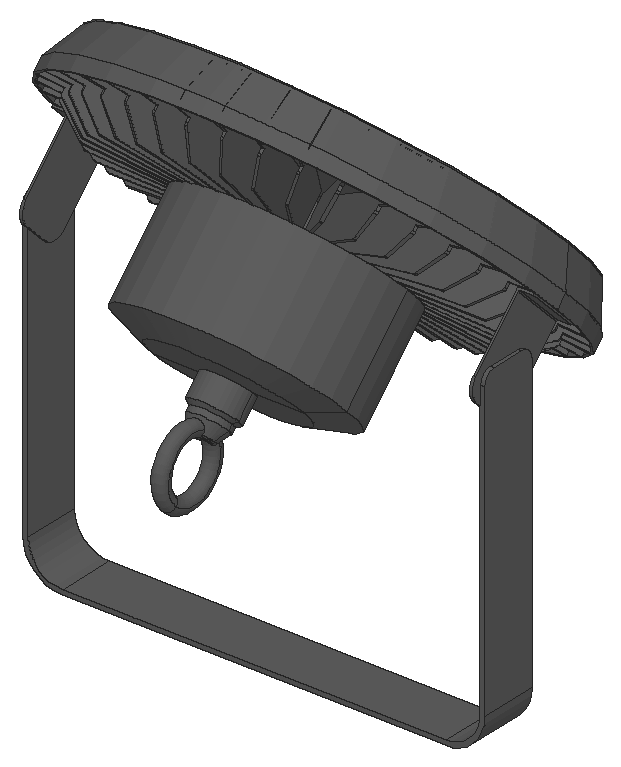
Revit family "0039363+0039354 Sylvania Lighting Fixture START HighBay IP65 DALI 19000lm 840 MB with BRACKET", category Lighting Fixtures, host Face, Revit 2017 (continued)
Definition of nested family "Start LED Highbay DALI Head"
  Nested families
    nested 8: "Start Highbay Rib" at (0, 0, 80.875) x (0.454, 0.891, 0) z (0, 0, 1), type "Type Name", detail levels medium+fine
      with SuspensionHeight_FEILO 2.6 mm, WidthStraight_FEILO 4.7 mm, WidthRingChamfer_FEILO 12.9 mm, WidthCurved_FEILO 26.2 mm, WidthCurvedRing_FEILO 4.7 mm, SizeS_FEILO no, Rib4_FEILO 14.6 mm, Rib3_FEILO 20.2 mm, Rib2_FEILO 4.5 mm, Rib1_FEILO 19 mm, RadiusDiffuser_FEILO 120 mm, RHRadius3_FEILO 8.6 mm, RHRadius2_FEILO 14 mm, RHRadius1_FEILO 17.7 mm, RHHeight4_FEILO 9.2 mm, RHHeight3_FEILO 4.6 mm, RHHeight2_FEILO 2.6 mm, RHHeight1_FEILO 17.4 mm, HeightRing_FEILO 36.8 mm, HeightRingChamfer_FEILO 26.6 mm, EyeThickness_FEILO 10.5 mm, EyeThicknessHalf_FEILO 5.25 mm, EyeInner_FEILO 17.3 mm, DriverVerticalStraight_FEILO 57 mm, DriverVerticalChamfer_FEILO 9.5 mm, DriverRadius_FEILO 76.4 mm, DriverRadiusTop_FEILO 52.4 mm, DriverBottom_FEILO 74 mm, Radius_FEILO 169.5 mm
    nested 9: "Start Highbay Rib" at (0, 0, 80.875) x (0.309, 0.9511, 0) z (0, 0, 1), type "Type Name", detail levels medium+fine
      with SuspensionHeight_FEILO 2.6 mm, WidthStraight_FEILO 4.7 mm, WidthRingChamfer_FEILO 12.9 mm, WidthCurved_FEILO 26.2 mm, WidthCurvedRing_FEILO 4.7 mm, SizeS_FEILO no, Rib4_FEILO 14.6 mm, Rib3_FEILO 20.2 mm, Rib2_FEILO 4.5 mm, Rib1_FEILO 19 mm, RadiusDiffuser_FEILO 120 mm, RHRadius3_FEILO 8.6 mm, RHRadius2_FEILO 14 mm, RHRadius1_FEILO 17.7 mm, RHHeight4_FEILO 9.2 mm, RHHeight3_FEILO 4.6 mm, RHHeight2_FEILO 2.6 mm, RHHeight1_FEILO 17.4 mm, HeightRing_FEILO 36.8 mm, HeightRingChamfer_FEILO 26.6 mm, EyeThickness_FEILO 10.5 mm, EyeThicknessHalf_FEILO 5.25 mm, EyeInner_FEILO 17.3 mm, DriverVerticalStraight_FEILO 57 mm, DriverVerticalChamfer_FEILO 9.5 mm, DriverRadius_FEILO 76.4 mm, DriverRadiusTop_FEILO 52.4 mm, DriverBottom_FEILO 74 mm, Radius_FEILO 169.5 mm
    nested 10: "Start Highbay Rib" at (0, 0, 80.875) x (0.1564, 0.9877, 0) z (0, 0, 1), type "Type Name", detail levels medium+fine
      with SuspensionHeight_FEILO 2.6 mm, WidthStraight_FEILO 4.7 mm, WidthRingChamfer_FEILO 12.9 mm, WidthCurved_FEILO 26.2 mm, WidthCurvedRing_FEILO 4.7 mm, SizeS_FEILO no, Rib4_FEILO 14.6 mm, Rib3_FEILO 20.2 mm, Rib2_FEILO 4.5 mm, Rib1_FEILO 19 mm, RadiusDiffuser_FEILO 120 mm, RHRadius3_FEILO 8.6 mm, RHRadius2_FEILO 14 mm, RHRadius1_FEILO 17.7 mm, RHHeight4_FEILO 9.2 mm, RHHeight3_FEILO 4.6 mm, RHHeight2_FEILO 2.6 mm, RHHeight1_FEILO 17.4 mm, HeightRing_FEILO 36.8 mm, HeightRingChamfer_FEILO 26.6 mm, EyeThickness_FEILO 10.5 mm, EyeThicknessHalf_FEILO 5.25 mm, EyeInner_FEILO 17.3 mm, DriverVerticalStraight_FEILO 57 mm, DriverVerticalChamfer_FEILO 9.5 mm, DriverRadius_FEILO 76.4 mm, DriverRadiusTop_FEILO 52.4 mm, DriverBottom_FEILO 74 mm, Radius_FEILO 169.5 mm
    nested 11: "Start Highbay Rib" at (0, 0, 80.875) x (0, 1, 0) z (0, 0, 1), type "Type Name", detail levels medium+fine
      with SuspensionHeight_FEILO 2.6 mm, WidthStraight_FEILO 4.7 mm, WidthRingChamfer_FEILO 12.9 mm, WidthCurved_FEILO 26.2 mm, WidthCurvedRing_FEILO 4.7 mm, SizeS_FEILO no, Rib4_FEILO 14.6 mm, Rib3_FEILO 20.2 mm, Rib2_FEILO 4.5 mm, Rib1_FEILO 19 mm, RadiusDiffuser_FEILO 120 mm, RHRadius3_FEILO 8.6 mm, RHRadius2_FEILO 14 mm, RHRadius1_FEILO 17.7 mm, RHHeight4_FEILO 9.2 mm, RHHeight3_FEILO 4.6 mm, RHHeight2_FEILO 2.6 mm, RHHeight1_FEILO 17.4 mm, HeightRing_FEILO 36.8 mm, HeightRingChamfer_FEILO 26.6 mm, EyeThickness_FEILO 10.5 mm, EyeThicknessHalf_FEILO 5.25 mm, EyeInner_FEILO 17.3 mm, DriverVerticalStraight_FEILO 57 mm, DriverVerticalChamfer_FEILO 9.5 mm, DriverRadius_FEILO 76.4 mm, DriverRadiusTop_FEILO 52.4 mm, DriverBottom_FEILO 74 mm, Radius_FEILO 169.5 mm
    nested 12: "Start Highbay Rib" at (0, 0, 80.875) x (-0.1564, 0.9877, 0) z (0, 0, 1), type "Type Name", detail levels medium+fine
      with SuspensionHeight_FEILO 2.6 mm, WidthStraight_FEILO 4.7 mm, WidthRingChamfer_FEILO 12.9 mm, WidthCurved_FEILO 26.2 mm, WidthCurvedRing_FEILO 4.7 mm, SizeS_FEILO no, Rib4_FEILO 14.6 mm, Rib3_FEILO 20.2 mm, Rib2_FEILO 4.5 mm, Rib1_FEILO 19 mm, RadiusDiffuser_FEILO 120 mm, RHRadius3_FEILO 8.6 mm, RHRadius2_FEILO 14 mm, RHRadius1_FEILO 17.7 mm, RHHeight4_FEILO 9.2 mm, RHHeight3_FEILO 4.6 mm, RHHeight2_FEILO 2.6 mm, RHHeight1_FEILO 17.4 mm, HeightRing_FEILO 36.8 mm, HeightRingChamfer_FEILO 26.6 mm, EyeThickness_FEILO 10.5 mm, EyeThicknessHalf_FEILO 5.25 mm, EyeInner_FEILO 17.3 mm, DriverVerticalStraight_FEILO 57 mm, DriverVerticalChamfer_FEILO 9.5 mm, DriverRadius_FEILO 76.4 mm, DriverRadiusTop_FEILO 52.4 mm, DriverBottom_FEILO 74 mm, Radius_FEILO 169.5 mm
    nested 13: "Start Highbay Rib" at (0, 0, 80.875) x (-0.309, 0.9511, 0) z (0, 0, 1), type "Type Name", detail levels medium+fine
      with SuspensionHeight_FEILO 2.6 mm, WidthStraight_FEILO 4.7 mm, WidthRingChamfer_FEILO 12.9 mm, WidthCurved_FEILO 26.2 mm, WidthCurvedRing_FEILO 4.7 mm, SizeS_FEILO no, Rib4_FEILO 14.6 mm, Rib3_FEILO 20.2 mm, Rib2_FEILO 4.5 mm, Rib1_FEILO 19 mm, RadiusDiffuser_FEILO 120 mm, RHRadius3_FEILO 8.6 mm, RHRadius2_FEILO 14 mm, RHRadius1_FEILO 17.7 mm, RHHeight4_FEILO 9.2 mm, RHHeight3_FEILO 4.6 mm, RHHeight2_FEILO 2.6 mm, RHHeight1_FEILO 17.4 mm, HeightRing_FEILO 36.8 mm, HeightRingChamfer_FEILO 26.6 mm, EyeThickness_FEILO 10.5 mm, EyeThicknessHalf_FEILO 5.25 mm, EyeInner_FEILO 17.3 mm, DriverVerticalStraight_FEILO 57 mm, DriverVerticalChamfer_FEILO 9.5 mm, DriverRadius_FEILO 76.4 mm, DriverRadiusTop_FEILO 52.4 mm, DriverBottom_FEILO 74 mm, Radius_FEILO 169.5 mm
    nested 14: "Start Highbay Rib" at (0, 0, 80.875) x (-0.454, 0.891, 0) z (0, 0, 1), type "Type Name", detail levels medium+fine
      with SuspensionHeight_FEILO 2.6 mm, WidthStraight_FEILO 4.7 mm, WidthRingChamfer_FEILO 12.9 mm, WidthCurved_FEILO 26.2 mm, WidthCurvedRing_FEILO 4.7 mm, SizeS_FEILO no, Rib4_FEILO 14.6 mm, Rib3_FEILO 20.2 mm, Rib2_FEILO 4.5 mm, Rib1_FEILO 19 mm, RadiusDiffuser_FEILO 120 mm, RHRadius3_FEILO 8.6 mm, RHRadius2_FEILO 14 mm, RHRadius1_FEILO 17.7 mm, RHHeight4_FEILO 9.2 mm, RHHeight3_FEILO 4.6 mm, RHHeight2_FEILO 2.6 mm, RHHeight1_FEILO 17.4 mm, HeightRing_FEILO 36.8 mm, HeightRingChamfer_FEILO 26.6 mm, EyeThickness_FEILO 10.5 mm, EyeThicknessHalf_FEILO 5.25 mm, EyeInner_FEILO 17.3 mm, DriverVerticalStraight_FEILO 57 mm, DriverVerticalChamfer_FEILO 9.5 mm, DriverRadius_FEILO 76.4 mm, DriverRadiusTop_FEILO 52.4 mm, DriverBottom_FEILO 74 mm, Radius_FEILO 169.5 mm
    nested 15: "Start Highbay Rib" at (0, 0, 80.875) x (-0.5878, 0.809, 0) z (0, 0, 1), type "Type Name", detail levels medium+fine
      with SuspensionHeight_FEILO 2.6 mm, WidthStraight_FEILO 4.7 mm, WidthRingChamfer_FEILO 12.9 mm, WidthCurved_FEILO 26.2 mm, WidthCurvedRing_FEILO 4.7 mm, SizeS_FEILO no, Rib4_FEILO 14.6 mm, Rib3_FEILO 20.2 mm, Rib2_FEILO 4.5 mm, Rib1_FEILO 19 mm, RadiusDiffuser_FEILO 120 mm, RHRadius3_FEILO 8.6 mm, RHRadius2_FEILO 14 mm, RHRadius1_FEILO 17.7 mm, RHHeight4_FEILO 9.2 mm, RHHeight3_FEILO 4.6 mm, RHHeight2_FEILO 2.6 mm, RHHeight1_FEILO 17.4 mm, HeightRing_FEILO 36.8 mm, HeightRingChamfer_FEILO 26.6 mm, EyeThickness_FEILO 10.5 mm, EyeThicknessHalf_FEILO 5.25 mm, EyeInner_FEILO 17.3 mm, DriverVerticalStraight_FEILO 57 mm, DriverVerticalChamfer_FEILO 9.5 mm, DriverRadius_FEILO 76.4 mm, DriverRadiusTop_FEILO 52.4 mm, DriverBottom_FEILO 74 mm, Radius_FEILO 169.5 mm
    nested 16: "Start Highbay Rib" at (0, 0, 80.875) x (-0.7071, 0.7071, 0) z (0, 0, 1), type "Type Name", detail levels medium+fine
      with SuspensionHeight_FEILO 2.6 mm, WidthStraight_FEILO 4.7 mm, WidthRingChamfer_FEILO 12.9 mm, WidthCurved_FEILO 26.2 mm, WidthCurvedRing_FEILO 4.7 mm, SizeS_FEILO no, Rib4_FEILO 14.6 mm, Rib3_FEILO 20.2 mm, Rib2_FEILO 4.5 mm, Rib1_FEILO 19 mm, RadiusDiffuser_FEILO 120 mm, RHRadius3_FEILO 8.6 mm, RHRadius2_FEILO 14 mm, RHRadius1_FEILO 17.7 mm, RHHeight4_FEILO 9.2 mm, RHHeight3_FEILO 4.6 mm, RHHeight2_FEILO 2.6 mm, RHHeight1_FEILO 17.4 mm, HeightRing_FEILO 36.8 mm, HeightRingChamfer_FEILO 26.6 mm, EyeThickness_FEILO 10.5 mm, EyeThicknessHalf_FEILO 5.25 mm, EyeInner_FEILO 17.3 mm, DriverVerticalStraight_FEILO 57 mm, DriverVerticalChamfer_FEILO 9.5 mm, DriverRadius_FEILO 76.4 mm, DriverRadiusTop_FEILO 52.4 mm, DriverBottom_FEILO 74 mm, Radius_FEILO 169.5 mm
    nested 17: "Start Highbay Rib" at (0, 0, 80.875) x (-0.809, 0.5878, 0) z (0, 0, 1), type "Type Name", detail levels medium+fine
      with SuspensionHeight_FEILO 2.6 mm, WidthStraight_FEILO 4.7 mm, WidthRingChamfer_FEILO 12.9 mm, WidthCurved_FEILO 26.2 mm, WidthCurvedRing_FEILO 4.7 mm, SizeS_FEILO no, Rib4_FEILO 14.6 mm, Rib3_FEILO 20.2 mm, Rib2_FEILO 4.5 mm, Rib1_FEILO 19 mm, RadiusDiffuser_FEILO 120 mm, RHRadius3_FEILO 8.6 mm, RHRadius2_FEILO 14 mm, RHRadius1_FEILO 17.7 mm, RHHeight4_FEILO 9.2 mm, RHHeight3_FEILO 4.6 mm, RHHeight2_FEILO 2.6 mm, RHHeight1_FEILO 17.4 mm, HeightRing_FEILO 36.8 mm, HeightRingChamfer_FEILO 26.6 mm, EyeThickness_FEILO 10.5 mm, EyeThicknessHalf_FEILO 5.25 mm, EyeInner_FEILO 17.3 mm, DriverVerticalStraight_FEILO 57 mm, DriverVerticalChamfer_FEILO 9.5 mm, DriverRadius_FEILO 76.4 mm, DriverRadiusTop_FEILO 52.4 mm, DriverBottom_FEILO 74 mm, Radius_FEILO 169.5 mm
    nested 18: "Start Highbay Rib" at (0, 0, 80.875) x (-0.891, 0.454, 0) z (0, 0, 1), type "Type Name", detail levels medium+fine
      with SuspensionHeight_FEILO 2.6 mm, WidthStraight_FEILO 4.7 mm, WidthRingChamfer_FEILO 12.9 mm, WidthCurved_FEILO 26.2 mm, WidthCurvedRing_FEILO 4.7 mm, SizeS_FEILO no, Rib4_FEILO 14.6 mm, Rib3_FEILO 20.2 mm, Rib2_FEILO 4.5 mm, Rib1_FEILO 19 mm, RadiusDiffuser_FEILO 120 mm, RHRadius3_FEILO 8.6 mm, RHRadius2_FEILO 14 mm, RHRadius1_FEILO 17.7 mm, RHHeight4_FEILO 9.2 mm, RHHeight3_FEILO 4.6 mm, RHHeight2_FEILO 2.6 mm, RHHeight1_FEILO 17.4 mm, HeightRing_FEILO 36.8 mm, HeightRingChamfer_FEILO 26.6 mm, EyeThickness_FEILO 10.5 mm, EyeThicknessHalf_FEILO 5.25 mm, EyeInner_FEILO 17.3 mm, DriverVerticalStraight_FEILO 57 mm, DriverVerticalChamfer_FEILO 9.5 mm, DriverRadius_FEILO 76.4 mm, DriverRadiusTop_FEILO 52.4 mm, DriverBottom_FEILO 74 mm, Radius_FEILO 169.5 mm
    nested 19: "Start Highbay Rib" at (0, 0, 80.875) x (-0.9511, 0.309, 0) z (0, 0, 1), type "Type Name", detail levels medium+fine
      with SuspensionHeight_FEILO 2.6 mm, WidthStraight_FEILO 4.7 mm, WidthRingChamfer_FEILO 12.9 mm, WidthCurved_FEILO 26.2 mm, WidthCurvedRing_FEILO 4.7 mm, SizeS_FEILO no, Rib4_FEILO 14.6 mm, Rib3_FEILO 20.2 mm, Rib2_FEILO 4.5 mm, Rib1_FEILO 19 mm, RadiusDiffuser_FEILO 120 mm, RHRadius3_FEILO 8.6 mm, RHRadius2_FEILO 14 mm, RHRadius1_FEILO 17.7 mm, RHHeight4_FEILO 9.2 mm, RHHeight3_FEILO 4.6 mm, RHHeight2_FEILO 2.6 mm, RHHeight1_FEILO 17.4 mm, HeightRing_FEILO 36.8 mm, HeightRingChamfer_FEILO 26.6 mm, EyeThickness_FEILO 10.5 mm, EyeThicknessHalf_FEILO 5.25 mm, EyeInner_FEILO 17.3 mm, DriverVerticalStraight_FEILO 57 mm, DriverVerticalChamfer_FEILO 9.5 mm, DriverRadius_FEILO 76.4 mm, DriverRadiusTop_FEILO 52.4 mm, DriverBottom_FEILO 74 mm, Radius_FEILO 169.5 mm
    nested 20: "Start Highbay Rib" at (0, 0, 80.875) x (-0.9877, 0.1564, 0) z (0, 0, 1), type "Type Name", detail levels medium+fine
      with SuspensionHeight_FEILO 2.6 mm, WidthStraight_FEILO 4.7 mm, WidthRingChamfer_FEILO 12.9 mm, WidthCurved_FEILO 26.2 mm, WidthCurvedRing_FEILO 4.7 mm, SizeS_FEILO no, Rib4_FEILO 14.6 mm, Rib3_FEILO 20.2 mm, Rib2_FEILO 4.5 mm, Rib1_FEILO 19 mm, RadiusDiffuser_FEILO 120 mm, RHRadius3_FEILO 8.6 mm, RHRadius2_FEILO 14 mm, RHRadius1_FEILO 17.7 mm, RHHeight4_FEILO 9.2 mm, RHHeight3_FEILO 4.6 mm, RHHeight2_FEILO 2.6 mm, RHHeight1_FEILO 17.4 mm, HeightRing_FEILO 36.8 mm, HeightRingChamfer_FEILO 26.6 mm, EyeThickness_FEILO 10.5 mm, EyeThicknessHalf_FEILO 5.25 mm, EyeInner_FEILO 17.3 mm, DriverVerticalStraight_FEILO 57 mm, DriverVerticalChamfer_FEILO 9.5 mm, DriverRadius_FEILO 76.4 mm, DriverRadiusTop_FEILO 52.4 mm, DriverBottom_FEILO 74 mm, Radius_FEILO 169.5 mm
    nested 21: "Start Highbay Rib" at (0, 0, 80.875) x (-1, 0, 0) z (0, 0, 1), type "Type Name", detail levels medium+fine
      with SuspensionHeight_FEILO 2.6 mm, WidthStraight_FEILO 4.7 mm, WidthRingChamfer_FEILO 12.9 mm, WidthCurved_FEILO 26.2 mm, WidthCurvedRing_FEILO 4.7 mm, SizeS_FEILO no, Rib4_FEILO 14.6 mm, Rib3_FEILO 20.2 mm, Rib2_FEILO 4.5 mm, Rib1_FEILO 19 mm, RadiusDiffuser_FEILO 120 mm, RHRadius3_FEILO 8.6 mm, RHRadius2_FEILO 14 mm, RHRadius1_FEILO 17.7 mm, RHHeight4_FEILO 9.2 mm, RHHeight3_FEILO 4.6 mm, RHHeight2_FEILO 2.6 mm, RHHeight1_FEILO 17.4 mm, HeightRing_FEILO 36.8 mm, HeightRingChamfer_FEILO 26.6 mm, EyeThickness_FEILO 10.5 mm, EyeThicknessHalf_FEILO 5.25 mm, EyeInner_FEILO 17.3 mm, DriverVerticalStraight_FEILO 57 mm, DriverVerticalChamfer_FEILO 9.5 mm, DriverRadius_FEILO 76.4 mm, DriverRadiusTop_FEILO 52.4 mm, DriverBottom_FEILO 74 mm, Radius_FEILO 169.5 mm
    nested 22: "Start Highbay Rib" at (0, 0, 80.875) x (-0.9877, -0.1564, 0) z (0, 0, 1), type "Type Name", detail levels medium+fine
      with SuspensionHeight_FEILO 2.6 mm, WidthStraight_FEILO 4.7 mm, WidthRingChamfer_FEILO 12.9 mm, WidthCurved_FEILO 26.2 mm, WidthCurvedRing_FEILO 4.7 mm, SizeS_FEILO no, Rib4_FEILO 14.6 mm, Rib3_FEILO 20.2 mm, Rib2_FEILO 4.5 mm, Rib1_FEILO 19 mm, RadiusDiffuser_FEILO 120 mm, RHRadius3_FEILO 8.6 mm, RHRadius2_FEILO 14 mm, RHRadius1_FEILO 17.7 mm, RHHeight4_FEILO 9.2 mm, RHHeight3_FEILO 4.6 mm, RHHeight2_FEILO 2.6 mm, RHHeight1_FEILO 17.4 mm, HeightRing_FEILO 36.8 mm, HeightRingChamfer_FEILO 26.6 mm, EyeThickness_FEILO 10.5 mm, EyeThicknessHalf_FEILO 5.25 mm, EyeInner_FEILO 17.3 mm, DriverVerticalStraight_FEILO 57 mm, DriverVerticalChamfer_FEILO 9.5 mm, DriverRadius_FEILO 76.4 mm, DriverRadiusTop_FEILO 52.4 mm, DriverBottom_FEILO 74 mm, Radius_FEILO 169.5 mm
    nested 23: "Start Highbay Rib" at (0, 0, 80.875) x (-0.9511, -0.309, 0) z (0, 0, 1), type "Type Name", detail levels medium+fine
      with SuspensionHeight_FEILO 2.6 mm, WidthStraight_FEILO 4.7 mm, WidthRingChamfer_FEILO 12.9 mm, WidthCurved_FEILO 26.2 mm, WidthCurvedRing_FEILO 4.7 mm, SizeS_FEILO no, Rib4_FEILO 14.6 mm, Rib3_FEILO 20.2 mm, Rib2_FEILO 4.5 mm, Rib1_FEILO 19 mm, RadiusDiffuser_FEILO 120 mm, RHRadius3_FEILO 8.6 mm, RHRadius2_FEILO 14 mm, RHRadius1_FEILO 17.7 mm, RHHeight4_FEILO 9.2 mm, RHHeight3_FEILO 4.6 mm, RHHeight2_FEILO 2.6 mm, RHHeight1_FEILO 17.4 mm, HeightRing_FEILO 36.8 mm, HeightRingChamfer_FEILO 26.6 mm, EyeThickness_FEILO 10.5 mm, EyeThicknessHalf_FEILO 5.25 mm, EyeInner_FEILO 17.3 mm, DriverVerticalStraight_FEILO 57 mm, DriverVerticalChamfer_FEILO 9.5 mm, DriverRadius_FEILO 76.4 mm, DriverRadiusTop_FEILO 52.4 mm, DriverBottom_FEILO 74 mm, Radius_FEILO 169.5 mm
    nested 24: "Start Highbay Rib" at (0, 0, 80.875) x (-0.891, -0.454, 0) z (0, 0, 1), type "Type Name", detail levels medium+fine
      with SuspensionHeight_FEILO 2.6 mm, WidthStraight_FEILO 4.7 mm, WidthRingChamfer_FEILO 12.9 mm, WidthCurved_FEILO 26.2 mm, WidthCurvedRing_FEILO 4.7 mm, SizeS_FEILO no, Rib4_FEILO 14.6 mm, Rib3_FEILO 20.2 mm, Rib2_FEILO 4.5 mm, Rib1_FEILO 19 mm, RadiusDiffuser_FEILO 120 mm, RHRadius3_FEILO 8.6 mm, RHRadius2_FEILO 14 mm, RHRadius1_FEILO 17.7 mm, RHHeight4_FEILO 9.2 mm, RHHeight3_FEILO 4.6 mm, RHHeight2_FEILO 2.6 mm, RHHeight1_FEILO 17.4 mm, HeightRing_FEILO 36.8 mm, HeightRingChamfer_FEILO 26.6 mm, EyeThickness_FEILO 10.5 mm, EyeThicknessHalf_FEILO 5.25 mm, EyeInner_FEILO 17.3 mm, DriverVerticalStraight_FEILO 57 mm, DriverVerticalChamfer_FEILO 9.5 mm, DriverRadius_FEILO 76.4 mm, DriverRadiusTop_FEILO 52.4 mm, DriverBottom_FEILO 74 mm, Radius_FEILO 169.5 mm
    nested 25: "Start Highbay Rib" at (0, 0, 80.875) x (-0.809, -0.5878, 0) z (0, 0, 1), type "Type Name", detail levels medium+fine
      with SuspensionHeight_FEILO 2.6 mm, WidthStraight_FEILO 4.7 mm, WidthRingChamfer_FEILO 12.9 mm, WidthCurved_FEILO 26.2 mm, WidthCurvedRing_FEILO 4.7 mm, SizeS_FEILO no, Rib4_FEILO 14.6 mm, Rib3_FEILO 20.2 mm, Rib2_FEILO 4.5 mm, Rib1_FEILO 19 mm, RadiusDiffuser_FEILO 120 mm, RHRadius3_FEILO 8.6 mm, RHRadius2_FEILO 14 mm, RHRadius1_FEILO 17.7 mm, RHHeight4_FEILO 9.2 mm, RHHeight3_FEILO 4.6 mm, RHHeight2_FEILO 2.6 mm, RHHeight1_FEILO 17.4 mm, HeightRing_FEILO 36.8 mm, HeightRingChamfer_FEILO 26.6 mm, EyeThickness_FEILO 10.5 mm, EyeThicknessHalf_FEILO 5.25 mm, EyeInner_FEILO 17.3 mm, DriverVerticalStraight_FEILO 57 mm, DriverVerticalChamfer_FEILO 9.5 mm, DriverRadius_FEILO 76.4 mm, DriverRadiusTop_FEILO 52.4 mm, DriverBottom_FEILO 74 mm, Radius_FEILO 169.5 mm
    nested 26: "Start Highbay Rib" at (0, 0, 80.875) x (-0.7071, -0.7071, 0) z (0, 0, 1), type "Type Name", detail levels medium+fine
      with SuspensionHeight_FEILO 2.6 mm, WidthStraight_FEILO 4.7 mm, WidthRingChamfer_FEILO 12.9 mm, WidthCurved_FEILO 26.2 mm, WidthCurvedRing_FEILO 4.7 mm, SizeS_FEILO no, Rib4_FEILO 14.6 mm, Rib3_FEILO 20.2 mm, Rib2_FEILO 4.5 mm, Rib1_FEILO 19 mm, RadiusDiffuser_FEILO 120 mm, RHRadius3_FEILO 8.6 mm, RHRadius2_FEILO 14 mm, RHRadius1_FEILO 17.7 mm, RHHeight4_FEILO 9.2 mm, RHHeight3_FEILO 4.6 mm, RHHeight2_FEILO 2.6 mm, RHHeight1_FEILO 17.4 mm, HeightRing_FEILO 36.8 mm, HeightRingChamfer_FEILO 26.6 mm, EyeThickness_FEILO 10.5 mm, EyeThicknessHalf_FEILO 5.25 mm, EyeInner_FEILO 17.3 mm, DriverVerticalStraight_FEILO 57 mm, DriverVerticalChamfer_FEILO 9.5 mm, DriverRadius_FEILO 76.4 mm, DriverRadiusTop_FEILO 52.4 mm, DriverBottom_FEILO 74 mm, Radius_FEILO 169.5 mm
    nested 27: "Start Highbay Rib" at (0, 0, 80.875) x (-0.5878, -0.809, 0) z (0, 0, 1), type "Type Name", detail levels medium+fine
      with SuspensionHeight_FEILO 2.6 mm, WidthStraight_FEILO 4.7 mm, WidthRingChamfer_FEILO 12.9 mm, WidthCurved_FEILO 26.2 mm, WidthCurvedRing_FEILO 4.7 mm, SizeS_FEILO no, Rib4_FEILO 14.6 mm, Rib3_FEILO 20.2 mm, Rib2_FEILO 4.5 mm, Rib1_FEILO 19 mm, RadiusDiffuser_FEILO 120 mm, RHRadius3_FEILO 8.6 mm, RHRadius2_FEILO 14 mm, RHRadius1_FEILO 17.7 mm, RHHeight4_FEILO 9.2 mm, RHHeight3_FEILO 4.6 mm, RHHeight2_FEILO 2.6 mm, RHHeight1_FEILO 17.4 mm, HeightRing_FEILO 36.8 mm, HeightRingChamfer_FEILO 26.6 mm, EyeThickness_FEILO 10.5 mm, EyeThicknessHalf_FEILO 5.25 mm, EyeInner_FEILO 17.3 mm, DriverVerticalStraight_FEILO 57 mm, DriverVerticalChamfer_FEILO 9.5 mm, DriverRadius_FEILO 76.4 mm, DriverRadiusTop_FEILO 52.4 mm, DriverBottom_FEILO 74 mm, Radius_FEILO 169.5 mm
    nested 28: "Start Highbay Rib" at (0, 0, 80.875) x (-0.454, -0.891, 0) z (0, 0, 1), type "Type Name", detail levels medium+fine
      with SuspensionHeight_FEILO 2.6 mm, WidthStraight_FEILO 4.7 mm, WidthRingChamfer_FEILO 12.9 mm, WidthCurved_FEILO 26.2 mm, WidthCurvedRing_FEILO 4.7 mm, SizeS_FEILO no, Rib4_FEILO 14.6 mm, Rib3_FEILO 20.2 mm, Rib2_FEILO 4.5 mm, Rib1_FEILO 19 mm, RadiusDiffuser_FEILO 120 mm, RHRadius3_FEILO 8.6 mm, RHRadius2_FEILO 14 mm, RHRadius1_FEILO 17.7 mm, RHHeight4_FEILO 9.2 mm, RHHeight3_FEILO 4.6 mm, RHHeight2_FEILO 2.6 mm, RHHeight1_FEILO 17.4 mm, HeightRing_FEILO 36.8 mm, HeightRingChamfer_FEILO 26.6 mm, EyeThickness_FEILO 10.5 mm, EyeThicknessHalf_FEILO 5.25 mm, EyeInner_FEILO 17.3 mm, DriverVerticalStraight_FEILO 57 mm, DriverVerticalChamfer_FEILO 9.5 mm, DriverRadius_FEILO 76.4 mm, DriverRadiusTop_FEILO 52.4 mm, DriverBottom_FEILO 74 mm, Radius_FEILO 169.5 mm
    nested 29: "Start Highbay Rib" at (0, 0, 80.875) x (-0.309, -0.9511, 0) z (0, 0, 1), type "Type Name", detail levels medium+fine
      with SuspensionHeight_FEILO 2.6 mm, WidthStraight_FEILO 4.7 mm, WidthRingChamfer_FEILO 12.9 mm, WidthCurved_FEILO 26.2 mm, WidthCurvedRing_FEILO 4.7 mm, SizeS_FEILO no, Rib4_FEILO 14.6 mm, Rib3_FEILO 20.2 mm, Rib2_FEILO 4.5 mm, Rib1_FEILO 19 mm, RadiusDiffuser_FEILO 120 mm, RHRadius3_FEILO 8.6 mm, RHRadius2_FEILO 14 mm, RHRadius1_FEILO 17.7 mm, RHHeight4_FEILO 9.2 mm, RHHeight3_FEILO 4.6 mm, RHHeight2_FEILO 2.6 mm, RHHeight1_FEILO 17.4 mm, HeightRing_FEILO 36.8 mm, HeightRingChamfer_FEILO 26.6 mm, EyeThickness_FEILO 10.5 mm, EyeThicknessHalf_FEILO 5.25 mm, EyeInner_FEILO 17.3 mm, DriverVerticalStraight_FEILO 57 mm, DriverVerticalChamfer_FEILO 9.5 mm, DriverRadius_FEILO 76.4 mm, DriverRadiusTop_FEILO 52.4 mm, DriverBottom_FEILO 74 mm, Radius_FEILO 169.5 mm
    nested 30: "Start Highbay Rib" at (0, 0, 80.875) x (-0.1564, -0.9877, 0) z (0, 0, 1), type "Type Name", detail levels medium+fine
      with SuspensionHeight_FEILO 2.6 mm, WidthStraight_FEILO 4.7 mm, WidthRingChamfer_FEILO 12.9 mm, WidthCurved_FEILO 26.2 mm, WidthCurvedRing_FEILO 4.7 mm, SizeS_FEILO no, Rib4_FEILO 14.6 mm, Rib3_FEILO 20.2 mm, Rib2_FEILO 4.5 mm, Rib1_FEILO 19 mm, RadiusDiffuser_FEILO 120 mm, RHRadius3_FEILO 8.6 mm, RHRadius2_FEILO 14 mm, RHRadius1_FEILO 17.7 mm, RHHeight4_FEILO 9.2 mm, RHHeight3_FEILO 4.6 mm, RHHeight2_FEILO 2.6 mm, RHHeight1_FEILO 17.4 mm, HeightRing_FEILO 36.8 mm, HeightRingChamfer_FEILO 26.6 mm, EyeThickness_FEILO 10.5 mm, EyeThicknessHalf_FEILO 5.25 mm, EyeInner_FEILO 17.3 mm, DriverVerticalStraight_FEILO 57 mm, DriverVerticalChamfer_FEILO 9.5 mm, DriverRadius_FEILO 76.4 mm, DriverRadiusTop_FEILO 52.4 mm, DriverBottom_FEILO 74 mm, Radius_FEILO 169.5 mm
    nested 31: "Start Highbay Rib" at (0, 0, 80.875) x (0, -1, 0) z (0, 0, 1), type "Type Name", detail levels medium+fine
      with SuspensionHeight_FEILO 2.6 mm, WidthStraight_FEILO 4.7 mm, WidthRingChamfer_FEILO 12.9 mm, WidthCurved_FEILO 26.2 mm, WidthCurvedRing_FEILO 4.7 mm, SizeS_FEILO no, Rib4_FEILO 14.6 mm, Rib3_FEILO 20.2 mm, Rib2_FEILO 4.5 mm, Rib1_FEILO 19 mm, RadiusDiffuser_FEILO 120 mm, RHRadius3_FEILO 8.6 mm, RHRadius2_FEILO 14 mm, RHRadius1_FEILO 17.7 mm, RHHeight4_FEILO 9.2 mm, RHHeight3_FEILO 4.6 mm, RHHeight2_FEILO 2.6 mm, RHHeight1_FEILO 17.4 mm, HeightRing_FEILO 36.8 mm, HeightRingChamfer_FEILO 26.6 mm, EyeThickness_FEILO 10.5 mm, EyeThicknessHalf_FEILO 5.25 mm, EyeInner_FEILO 17.3 mm, DriverVerticalStraight_FEILO 57 mm, DriverVerticalChamfer_FEILO 9.5 mm, DriverRadius_FEILO 76.4 mm, DriverRadiusTop_FEILO 52.4 mm, DriverBottom_FEILO 74 mm, Radius_FEILO 169.5 mm
    nested 32: "Start Highbay Rib" at (0, 0, 80.875) x (0.1564, -0.9877, 0) z (0, 0, 1), type "Type Name", detail levels medium+fine
      with SuspensionHeight_FEILO 2.6 mm, WidthStraight_FEILO 4.7 mm, WidthRingChamfer_FEILO 12.9 mm, WidthCurved_FEILO 26.2 mm, WidthCurvedRing_FEILO 4.7 mm, SizeS_FEILO no, Rib4_FEILO 14.6 mm, Rib3_FEILO 20.2 mm, Rib2_FEILO 4.5 mm, Rib1_FEILO 19 mm, RadiusDiffuser_FEILO 120 mm, RHRadius3_FEILO 8.6 mm, RHRadius2_FEILO 14 mm, RHRadius1_FEILO 17.7 mm, RHHeight4_FEILO 9.2 mm, RHHeight3_FEILO 4.6 mm, RHHeight2_FEILO 2.6 mm, RHHeight1_FEILO 17.4 mm, HeightRing_FEILO 36.8 mm, HeightRingChamfer_FEILO 26.6 mm, EyeThickness_FEILO 10.5 mm, EyeThicknessHalf_FEILO 5.25 mm, EyeInner_FEILO 17.3 mm, DriverVerticalStraight_FEILO 57 mm, DriverVerticalChamfer_FEILO 9.5 mm, DriverRadius_FEILO 76.4 mm, DriverRadiusTop_FEILO 52.4 mm, DriverBottom_FEILO 74 mm, Radius_FEILO 169.5 mm
    nested 33: "Start Highbay Rib" at (0, 0, 80.875) x (0.309, -0.9511, 0) z (0, 0, 1), type "Type Name", detail levels medium+fine
      with SuspensionHeight_FEILO 2.6 mm, WidthStraight_FEILO 4.7 mm, WidthRingChamfer_FEILO 12.9 mm, WidthCurved_FEILO 26.2 mm, WidthCurvedRing_FEILO 4.7 mm, SizeS_FEILO no, Rib4_FEILO 14.6 mm, Rib3_FEILO 20.2 mm, Rib2_FEILO 4.5 mm, Rib1_FEILO 19 mm, RadiusDiffuser_FEILO 120 mm, RHRadius3_FEILO 8.6 mm, RHRadius2_FEILO 14 mm, RHRadius1_FEILO 17.7 mm, RHHeight4_FEILO 9.2 mm, RHHeight3_FEILO 4.6 mm, RHHeight2_FEILO 2.6 mm, RHHeight1_FEILO 17.4 mm, HeightRing_FEILO 36.8 mm, HeightRingChamfer_FEILO 26.6 mm, EyeThickness_FEILO 10.5 mm, EyeThicknessHalf_FEILO 5.25 mm, EyeInner_FEILO 17.3 mm, DriverVerticalStraight_FEILO 57 mm, DriverVerticalChamfer_FEILO 9.5 mm, DriverRadius_FEILO 76.4 mm, DriverRadiusTop_FEILO 52.4 mm, DriverBottom_FEILO 74 mm, Radius_FEILO 169.5 mm
    nested 34: "Start Highbay Rib" at (0, 0, 80.875) x (0.454, -0.891, 0) z (0, 0, 1), type "Type Name", detail levels medium+fine
      with SuspensionHeight_FEILO 2.6 mm, WidthStraight_FEILO 4.7 mm, WidthRingChamfer_FEILO 12.9 mm, WidthCurved_FEILO 26.2 mm, WidthCurvedRing_FEILO 4.7 mm, SizeS_FEILO no, Rib4_FEILO 14.6 mm, Rib3_FEILO 20.2 mm, Rib2_FEILO 4.5 mm, Rib1_FEILO 19 mm, RadiusDiffuser_FEILO 120 mm, RHRadius3_FEILO 8.6 mm, RHRadius2_FEILO 14 mm, RHRadius1_FEILO 17.7 mm, RHHeight4_FEILO 9.2 mm, RHHeight3_FEILO 4.6 mm, RHHeight2_FEILO 2.6 mm, RHHeight1_FEILO 17.4 mm, HeightRing_FEILO 36.8 mm, HeightRingChamfer_FEILO 26.6 mm, EyeThickness_FEILO 10.5 mm, EyeThicknessHalf_FEILO 5.25 mm, EyeInner_FEILO 17.3 mm, DriverVerticalStraight_FEILO 57 mm, DriverVerticalChamfer_FEILO 9.5 mm, DriverRadius_FEILO 76.4 mm, DriverRadiusTop_FEILO 52.4 mm, DriverBottom_FEILO 74 mm, Radius_FEILO 169.5 mm
    nested 35: "Start Highbay Rib" at (0, 0, 80.875) x (0.5878, -0.809, 0) z (0, 0, 1), type "Type Name", detail levels medium+fine
      with SuspensionHeight_FEILO 2.6 mm, WidthStraight_FEILO 4.7 mm, WidthRingChamfer_FEILO 12.9 mm, WidthCurved_FEILO 26.2 mm, WidthCurvedRing_FEILO 4.7 mm, SizeS_FEILO no, Rib4_FEILO 14.6 mm, Rib3_FEILO 20.2 mm, Rib2_FEILO 4.5 mm, Rib1_FEILO 19 mm, RadiusDiffuser_FEILO 120 mm, RHRadius3_FEILO 8.6 mm, RHRadius2_FEILO 14 mm, RHRadius1_FEILO 17.7 mm, RHHeight4_FEILO 9.2 mm, RHHeight3_FEILO 4.6 mm, RHHeight2_FEILO 2.6 mm, RHHeight1_FEILO 17.4 mm, HeightRing_FEILO 36.8 mm, HeightRingChamfer_FEILO 26.6 mm, EyeThickness_FEILO 10.5 mm, EyeThicknessHalf_FEILO 5.25 mm, EyeInner_FEILO 17.3 mm, DriverVerticalStraight_FEILO 57 mm, DriverVerticalChamfer_FEILO 9.5 mm, DriverRadius_FEILO 76.4 mm, DriverRadiusTop_FEILO 52.4 mm, DriverBottom_FEILO 74 mm, Radius_FEILO 169.5 mm
    nested 36: "Start Highbay Rib" at (0, 0, 80.875) x (0.7071, -0.7071, 0) z (0, 0, 1), type "Type Name", detail levels medium+fine
      with SuspensionHeight_FEILO 2.6 mm, WidthStraight_FEILO 4.7 mm, WidthRingChamfer_FEILO 12.9 mm, WidthCurved_FEILO 26.2 mm, WidthCurvedRing_FEILO 4.7 mm, SizeS_FEILO no, Rib4_FEILO 14.6 mm, Rib3_FEILO 20.2 mm, Rib2_FEILO 4.5 mm, Rib1_FEILO 19 mm, RadiusDiffuser_FEILO 120 mm, RHRadius3_FEILO 8.6 mm, RHRadius2_FEILO 14 mm, RHRadius1_FEILO 17.7 mm, RHHeight4_FEILO 9.2 mm, RHHeight3_FEILO 4.6 mm, RHHeight2_FEILO 2.6 mm, RHHeight1_FEILO 17.4 mm, HeightRing_FEILO 36.8 mm, HeightRingChamfer_FEILO 26.6 mm, EyeThickness_FEILO 10.5 mm, EyeThicknessHalf_FEILO 5.25 mm, EyeInner_FEILO 17.3 mm, DriverVerticalStraight_FEILO 57 mm, DriverVerticalChamfer_FEILO 9.5 mm, DriverRadius_FEILO 76.4 mm, DriverRadiusTop_FEILO 52.4 mm, DriverBottom_FEILO 74 mm, Radius_FEILO 169.5 mm
    nested 37: "Start Highbay Rib" at (0, 0, 80.875) x (0.809, -0.5878, 0) z (0, 0, 1), type "Type Name", detail levels medium+fine
      with SuspensionHeight_FEILO 2.6 mm, WidthStraight_FEILO 4.7 mm, WidthRingChamfer_FEILO 12.9 mm, WidthCurved_FEILO 26.2 mm, WidthCurvedRing_FEILO 4.7 mm, SizeS_FEILO no, Rib4_FEILO 14.6 mm, Rib3_FEILO 20.2 mm, Rib2_FEILO 4.5 mm, Rib1_FEILO 19 mm, RadiusDiffuser_FEILO 120 mm, RHRadius3_FEILO 8.6 mm, RHRadius2_FEILO 14 mm, RHRadius1_FEILO 17.7 mm, RHHeight4_FEILO 9.2 mm, RHHeight3_FEILO 4.6 mm, RHHeight2_FEILO 2.6 mm, RHHeight1_FEILO 17.4 mm, HeightRing_FEILO 36.8 mm, HeightRingChamfer_FEILO 26.6 mm, EyeThickness_FEILO 10.5 mm, EyeThicknessHalf_FEILO 5.25 mm, EyeInner_FEILO 17.3 mm, DriverVerticalStraight_FEILO 57 mm, DriverVerticalChamfer_FEILO 9.5 mm, DriverRadius_FEILO 76.4 mm, DriverRadiusTop_FEILO 52.4 mm, DriverBottom_FEILO 74 mm, Radius_FEILO 169.5 mm
    nested 38: "Start Highbay Rib" at (0, 0, 80.875) x (0.891, -0.454, 0) z (0, 0, 1), type "Type Name", detail levels medium+fine
      with SuspensionHeight_FEILO 2.6 mm, WidthStraight_FEILO 4.7 mm, WidthRingChamfer_FEILO 12.9 mm, WidthCurved_FEILO 26.2 mm, WidthCurvedRing_FEILO 4.7 mm, SizeS_FEILO no, Rib4_FEILO 14.6 mm, Rib3_FEILO 20.2 mm, Rib2_FEILO 4.5 mm, Rib1_FEILO 19 mm, RadiusDiffuser_FEILO 120 mm, RHRadius3_FEILO 8.6 mm, RHRadius2_FEILO 14 mm, RHRadius1_FEILO 17.7 mm, RHHeight4_FEILO 9.2 mm, RHHeight3_FEILO 4.6 mm, RHHeight2_FEILO 2.6 mm, RHHeight1_FEILO 17.4 mm, HeightRing_FEILO 36.8 mm, HeightRingChamfer_FEILO 26.6 mm, EyeThickness_FEILO 10.5 mm, EyeThicknessHalf_FEILO 5.25 mm, EyeInner_FEILO 17.3 mm, DriverVerticalStraight_FEILO 57 mm, DriverVerticalChamfer_FEILO 9.5 mm, DriverRadius_FEILO 76.4 mm, DriverRadiusTop_FEILO 52.4 mm, DriverBottom_FEILO 74 mm, Radius_FEILO 169.5 mm
    nested 39: "Start Highbay Rib" at (0, 0, 80.875) x (0.9511, -0.309, 0) z (0, 0, 1), type "Type Name", detail levels medium+fine
      with SuspensionHeight_FEILO 2.6 mm, WidthStraight_FEILO 4.7 mm, WidthRingChamfer_FEILO 12.9 mm, WidthCurved_FEILO 26.2 mm, WidthCurvedRing_FEILO 4.7 mm, SizeS_FEILO no, Rib4_FEILO 14.6 mm, Rib3_FEILO 20.2 mm, Rib2_FEILO 4.5 mm, Rib1_FEILO 19 mm, RadiusDiffuser_FEILO 120 mm, RHRadius3_FEILO 8.6 mm, RHRadius2_FEILO 14 mm, RHRadius1_FEILO 17.7 mm, RHHeight4_FEILO 9.2 mm, RHHeight3_FEILO 4.6 mm, RHHeight2_FEILO 2.6 mm, RHHeight1_FEILO 17.4 mm, HeightRing_FEILO 36.8 mm, HeightRingChamfer_FEILO 26.6 mm, EyeThickness_FEILO 10.5 mm, EyeThicknessHalf_FEILO 5.25 mm, EyeInner_FEILO 17.3 mm, DriverVerticalStraight_FEILO 57 mm, DriverVerticalChamfer_FEILO 9.5 mm, DriverRadius_FEILO 76.4 mm, DriverRadiusTop_FEILO 52.4 mm, DriverBottom_FEILO 74 mm, Radius_FEILO 169.5 mm
    nested 40: "Start Highbay Rib" at (0, 0, 80.875) x (0.9877, -0.1564, 0) z (0, 0, 1), type "Type Name", detail levels medium+fine
      with SuspensionHeight_FEILO 2.6 mm, WidthStraight_FEILO 4.7 mm, WidthRingChamfer_FEILO 12.9 mm, WidthCurved_FEILO 26.2 mm, WidthCurvedRing_FEILO 4.7 mm, SizeS_FEILO no, Rib4_FEILO 14.6 mm, Rib3_FEILO 20.2 mm, Rib2_FEILO 4.5 mm, Rib1_FEILO 19 mm, RadiusDiffuser_FEILO 120 mm, RHRadius3_FEILO 8.6 mm, RHRadius2_FEILO 14 mm, RHRadius1_FEILO 17.7 mm, RHHeight4_FEILO 9.2 mm, RHHeight3_FEILO 4.6 mm, RHHeight2_FEILO 2.6 mm, RHHeight1_FEILO 17.4 mm, HeightRing_FEILO 36.8 mm, HeightRingChamfer_FEILO 26.6 mm, EyeThickness_FEILO 10.5 mm, EyeThicknessHalf_FEILO 5.25 mm, EyeInner_FEILO 17.3 mm, DriverVerticalStraight_FEILO 57 mm, DriverVerticalChamfer_FEILO 9.5 mm, DriverRadius_FEILO 76.4 mm, DriverRadiusTop_FEILO 52.4 mm, DriverBottom_FEILO 74 mm, Radius_FEILO 169.5 mm
  Definition of nested family "Start Highbay Rib"
    Parameters (values of type "Type Name")
      WidthStraight_FEILO = if(SizeS_FEILO, 3 mm, if(SizeM_FEILO, 4 mm, 4.7 mm))  # 3 mm
      WidthRingChamfer_FEILO = if(SizeS_FEILO, 10.3 mm, if(SizeM_FEILO, 11.2 mm, 12.9 mm))  # 10.3 mm
      WidthCurved_FEILO = if(SizeS_FEILO, 17.4 mm, if(SizeM_FEILO, 16.4 mm, 26.2 mm))  # 17.4 mm
      WidthCurvedRing_FEILO = if(SizeS_FEILO, 3 mm, if(SizeM_FEILO, 4 mm, 4.7 mm))  # 3 mm
      WidthBracket_FEILO = 40 mm
      URL = "http://www.feilosylvania.com"
      Type Image = (empty or 0)
      Type Comments = "n/a"
      ThicknessWall_FEILO = 1.5 mm
      ThicknessBracket_FEILO = 1.5 mm
      ThicknessBracketHalf_FEILO = ThicknessBracket_FEILO / 2  # 0.75 mm
      SuspensionHeight_FEILO [instance] = 2.6 mm
      SizeS_FEILO = yes
      SizeM_FEILO = no
      Rib4_FEILO = if(SizeS_FEILO, 18.1 mm, if(SizeM_FEILO, 13.6 mm, 14.6 mm))  # 18.1 mm
      Rib3_FEILO = if(SizeS_FEILO, 15.3 mm, if(SizeM_FEILO, 17.6 mm, 20.2 mm))  # 15.3 mm
      Rib2_FEILO = if(SizeS_FEILO, 3.6 mm, if(SizeM_FEILO, 3.9 mm, 4.5 mm))  # 3.6 mm
      Rib1_FEILO = if(SizeS_FEILO, 15.1 mm, if(SizeM_FEILO, 16.5 mm, 19 mm))  # 15.1 mm
      RadiusRib_FEILO = 2 mm
      RadiusDiffuser_FEILO = if(SizeS_FEILO, 95.2 mm, if(SizeM_FEILO, 105.3 mm, 120 mm))  # 95.2 mm
      RHRadius3_FEILO = if(SizeS_FEILO, 6.6 mm, if(SizeM_FEILO, 7.4 mm, 8.6 mm))  # 6.6 mm
      RHRadius2_FEILO = if(SizeS_FEILO, 11 mm, if(SizeM_FEILO, 12 mm, 14 mm))  # 11 mm
      RHRadius1_FEILO = if(SizeS_FEILO, 13.6 mm, if(SizeM_FEILO, 14.9 mm, 17.7 mm))  # 13.6 mm
      RHHeight4_FEILO = if(SizeS_FEILO, 7.3 mm, if(SizeM_FEILO, 8 mm, 9.2 mm))  # 7.3 mm
      RHHeight3_FEILO = if(SizeS_FEILO, 3.6 mm, if(SizeM_FEILO, 3.7 mm, 4.6 mm))  # 3.6 mm
      RHHeight2_FEILO = if(SizeS_FEILO, 2 mm, if(SizeM_FEILO, 2.2 mm, 2.6 mm))  # 2 mm
      RHHeight1_FEILO = if(SizeS_FEILO, 11.8 mm, if(SizeM_FEILO, 15.3 mm, 17.4 mm))  # 11.8 mm
      Material_3_FEILO = none
      Model = ""
      Manufacturer = "Feilo Sylvania"
      Keynote = "16500"
      HeightRing_FEILO = if(SizeS_FEILO, 19.8 mm, if(SizeM_FEILO, 32 mm, 36.8 mm))  # 19.8 mm
      HeightRingChamfer_FEILO = if(SizeS_FEILO, 11.7 mm, if(SizeM_FEILO, 23.2 mm, 26.6 mm))  # 11.7 mm
      EyeThickness_FEILO = if(SizeS_FEILO, 8.4 mm, if(SizeM_FEILO, 9.2 mm, 10.5 mm))  # 8.4 mm
      EyeThicknessHalf_FEILO = EyeThickness_FEILO / 2  # 4.2 mm
      EyeInner_FEILO = if(SizeS_FEILO, 13.8 mm, if(SizeM_FEILO, 15.1 mm, 17.3 mm))  # 13.8 mm
      DriverVerticalStraight_FEILO = if(SizeS_FEILO, 46.5 mm, if(SizeM_FEILO, 49.7 mm, 57 mm))  # 46.5 mm
      DriverVerticalChamfer_FEILO = if(SizeS_FEILO, 7.5 mm, if(SizeM_FEILO, 8.2 mm, 9.5 mm))  # 7.5 mm
      DriverRadius_FEILO = if(SizeS_FEILO, 61.4 mm, if(SizeM_FEILO, 67.2 mm, 76.4 mm))  # 61.4 mm
      DriverRadiusTop_FEILO = if(SizeS_FEILO, 42 mm, if(SizeM_FEILO, 45.3 mm, 52.4 mm))  # 42 mm
      DriverBottom_FEILO = if(SizeS_FEILO, 56 mm, if(SizeM_FEILO, 64.5 mm, 74 mm))  # 56 mm
      Material_2_FEILO = none
      Radius_FEILO = if(SizeS_FEILO, 135 mm, if(SizeM_FEILO, 148 mm, 169.5 mm))  # 135 mm
      Description = ""
      Default Elevation = 1219.2 mm
      Cost = 0
      Material_1_FEILO = none
      Assembly Code = "D5020200"
      Material_4_FEILO = none
    Reference planes
      plane 1 "Center (Front/Back)": y = 0
      plane 2: z = 0
      plane 3 "Center (Left/Right)": x = 0
      plane 4: z = 2.6
      plane 5: x = -135
      plane 6: x = -124.7
      plane 7: z = -9.1
      plane 8: z = -17.2
      plane 9: x = -121.7
      plane 10: z = -0.025
      plane 11: x = -104.3
      plane 12: x = -95.2
      plane 13: x = -118.7
      plane 14: z = 0.975
      plane 15: z = -1.025
      plane 16: x = -92.2
      plane 17: z = -2.025
      plane 18: x = -133.5
      plane 19: x = -119.9
      plane 20: z = -20.8
      plane 21: x = -104.6
      plane 22: z = -38.9
      plane 23: x = -20
      plane 24: z = -53.4
      plane 25: x = -61.4
      plane 26: z = -99.9
      plane 27: x = -42
      plane 28: z = -107.4
      plane 29: x = -13.6
      plane 30: z = -119.2
      plane 31: z = -121.2
      plane 32: x = -11
      plane 33: z = -124.8
      plane 34: z = -132.1
      plane 35: x = -6.6
      plane 36: z = -145.9
      plane 37: z = -159.7
      plane 38: x = 4.2
      plane 39: x = -4.2
      plane 40: z = -168.1
      plane 41: z = -163.9
      plane 42: x = -129.1
      plane 43: x = -132.5
      plane 44: z = -18.7
      plane 45: x = -123.2
      plane 46: z = -76.65
      plane 47: y = -20
      plane 48: y = 20
      plane 49: x = 135
      plane 50: x = 124.7
      plane 51: x = 133.5
      plane 52: x = 129.1
      plane 53: x = 132.5
      plane 54: x = 123.2
      plane 55: y = 0.75
      plane 56: y = -0.75
    Forms (mm)
      Extrusion 1, solid
        sketch origin (4.2, 0, 0) x (1, 0, 0) y (0, 1, 0)
          loop
            line (-1219.2, 1219.2) -> (-1219.2, -1219.2) -> (1219.2, -1219.2) -> (1219.2, 1219.2) -> (-1219.2, 1219.2)
        from 0 to -68.017
      Extrusion 2, solid, material <- "Material_1_FEILO"
        sketch origin (0, 0, 0) x (1, 0, 0) y (0, 0, 1)
          loop
            arc (-104.3, -0.025) -> (-111.555, 0.423) -> (-118.7, 1.76) r 58.981
            line (-118.7, 1.76) -> (-118.7, -0.025) -> (-125.012, -0.025) -> (-133.5, -9.666) -> (-133.5, -17.2) -> (-119.9, -17.2) -> (-119.9, -20.068)
            arc (-119.9, -20.068) -> (-119.778, -20.755) -> (-119.427, -21.359) r 2
            line (-119.427, -21.359) -> (-104.966, -38.467)
            arc (-104.966, -38.467) -> (-104.381, -38.789) -> (-103.723, -38.9) r 2
            line (-103.723, -38.9) -> (-20, -38.9) -> (-20, -9.1) -> (-95.2, -9.1) -> (-95.2, -2.025) -> (-104.3, -2.025) -> (-104.3, -0.025)
        from -0.75 to 0.75
    Lines and regions (mm)
      reference lines
        curve 1: line (-135, 0, -9.1) -> (-124.7, 0, 2.6)
        curve 2: line (-104.3, 0, -0.025) -> (0, 0, -0.025)
        curve 3: arc (-104.3, 0, -0.025) -> (-113.098, 0, 0.635) -> (-121.7, 0, 2.6) r 58.981
        curve 4: line (-124.7, 0, 2.6) -> (-121.7, 0, 2.6)
        curve 5: line (-125.012, 0, -0.025) -> (-133.5, 0, -9.666)
        curve 6: line (-119.9, 0, -20.8) -> (-104.6, 0, -38.9)
    Dimensions and locks
      "Radius_FEILO": plane 3 "Center (Left/Right)" to plane 5
      "WidthRingChamfer_FEILO": plane 6 to plane 5
      "WidthStraight_FEILO": plane 9 to plane 6
      "WidthCurvedRing_FEILO": plane 13 to plane 9
      locked: plane 10 to plane 15 at 1
      locked: plane 14 to plane 10 at 1
      locked: plane 4 to plane 10 at 2.625
      locked: plane 15 to plane 17 at 1
      "ThicknessWall_FEILO": plane 18 to plane 5
      "ThicknessWall_FEILO": curve 5 to curve 1
      "HeightRingChamfer_FEILO": plane 4 to plane 7
      "HeightRing_FEILO": plane 4 to plane 8
      "RadiusDiffuser_FEILO": plane 3 "Center (Left/Right)" to plane 12
      locked: plane 16 to plane 12 at 3
      "WidthCurved_FEILO": plane 11 to plane 9
      "SuspensionHeight_FEILO": plane 4 to plane 2
      "Rib1_FEILO": plane 19 to plane 5
      "Rib2_FEILO": plane 8 to plane 20
      "Rib3_FEILO": plane 21 to plane 19
      "Rib4_FEILO": plane 20 to plane 22
      locked: plane 3 "Center (Left/Right)" to plane 23 at 20
      "DriverBottom_FEILO": plane 4 to plane 24
      "DriverRadius_FEILO": plane 3 "Center (Left/Right)" to plane 25
      "DriverVerticalStraight_FEILO": plane 24 to plane 26
      "DriverRadiusTop_FEILO": plane 3 "Center (Left/Right)" to plane 27
      "DriverVerticalChamfer_FEILO": plane 26 to plane 28
      "RHRadius1_FEILO": plane 3 "Center (Left/Right)" to plane 29
      "RHHeight2_FEILO": plane 30 to plane 31
      "RHRadius2_FEILO": plane 3 "Center (Left/Right)" to plane 32
      "RHHeight3_FEILO": plane 31 to plane 33
      "RHHeight4_FEILO": plane 33 to plane 34
      "RHRadius3_FEILO": plane 3 "Center (Left/Right)" to plane 35
      "RHHeight1_FEILO": plane 28 to plane 30
      "EyeInner_FEILO": plane 34 to plane 36
      "EyeInner_FEILO": plane 36 to plane 37
      equal spacing: plane 38, plane 3 "Center (Left/Right)", plane 39
      "EyeThickness_FEILO": plane 38 to plane 39
      "EyeThickness_FEILO": plane 37 to plane 40
      equal spacing: plane 37, plane 41, plane 40
      equal spacing: plane 6, plane 42, plane 18
      "ThicknessBracket_FEILO": plane 45 to plane 6
      "ThicknessBracket_FEILO": plane 8 to plane 44
      locked: plane 43 to plane 18 at 1
      equal spacing: plane 24, plane 46, plane 26
      equal spacing: plane 47, plane 1 "Center (Front/Back)", plane 48
      "WidthBracket_FEILO": plane 47 to plane 48
      "WidthRingChamfer_FEILO": plane 50 to plane 49
      "ThicknessWall_FEILO": plane 51 to plane 49
      equal spacing: plane 50, plane 52, plane 51
      "ThicknessBracket_FEILO": plane 54 to plane 50
      locked: plane 53 to plane 51 at 1
      "Radius_FEILO": plane 49 to plane 3 "Center (Left/Right)"
      equal spacing: plane 56, plane 1 "Center (Front/Back)", plane 55
      "ThicknessWall_FEILO": plane 56 to plane 55
      "RadiusRib_FEILO": radius of Extrusion 2 sketch curve  (x2)
      aligned and locked: plane 2 to Extrusion 1
      aligned and locked: level to Extrusion 1
      aligned and locked: plane 5 to curve 1
      aligned and locked: plane 6 to curve 1
      aligned and locked: plane 7 to curve 1
      aligned and locked: plane 10 to curve 2
      aligned and locked: plane 9 to curve 3
      aligned and locked: plane 4 to curve 3
      aligned and locked: plane 11 to curve 3
      aligned and locked: plane 4 to curve 4
      aligned and locked: plane 18 to curve 5
      aligned and locked: plane 10 to curve 5
      aligned and locked: plane 22 to curve 6
      aligned and locked: plane 21 to curve 6
      aligned and locked: plane 20 to curve 6
      aligned and locked: plane 19 to curve 6
      aligned and locked: Extrusion 2 sketch curve to plane 23
      aligned and locked: Extrusion 2 sketch curve to plane 22
      aligned and locked: Extrusion 2 sketch curve to curve 6
      aligned and locked: plane 19 to Extrusion 2 sketch curve
      aligned and locked: Extrusion 2 sketch curve to plane 8
      aligned and locked: Extrusion 2 sketch curve to curve 5
      aligned and locked: Extrusion 2 sketch curve to curve 3
      aligned and locked: Extrusion 2 to plane 55
      aligned and locked: plane 56 to Extrusion 2
      aligned and locked: curve 6 to Extrusion 2 sketch curve
    Automatic sketch dimensions
      Extrusion 1 sketch curve to Extrusion 1 sketch curve = 2438.4 mm  (x2)
      curve 2 to plane 3 "Center (Left/Right)" = 0 mm
      Extrusion 2 sketch curve to plane 18 = 0 mm
      Extrusion 2 sketch curve to plane 10 = 0 mm
      Extrusion 2 sketch curve to plane 13 = 0 mm
      Extrusion 2 sketch curve to plane 7 = 0 mm
      Extrusion 2 sketch curve to plane 12 = 0 mm
      Extrusion 2 sketch curve to plane 17 = 0 mm
      plane 19 to Extrusion 2 sketch curve = 0.473 mm
      Extrusion 2 sketch curve to plane 21 = 0.366 mm
